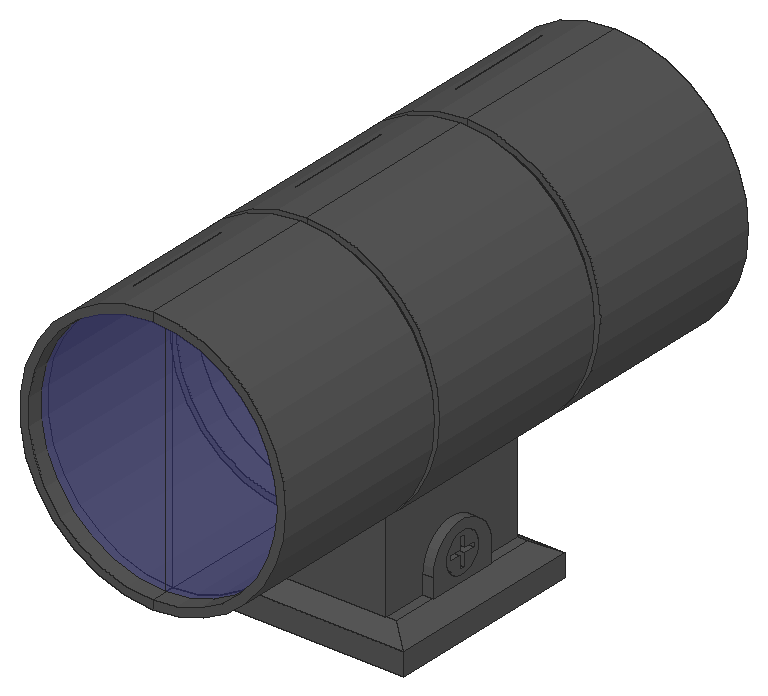
Revit family "CARLO CYLINDER LIGHT WALL MOUNT", category Lighting Fixtures, host Face, Revit 2020 (continued)
Types (10): name | Wattage_Input | Wattage Comments | Wattage | Photometric Web File | built-in parameter 1150142 | Model | built-in parameter 1150105 | Lumens | Light Length 1 | LIGHT RADIUS | LIGHT PLACEMENT | LIGHT LENGTH | LIGHT DIA | built-in parameter 1150106 | FIXED END HEIGHT | Curve base Height | Base Curve | BEAMING ANGLE | Apparent Load
  CCL4-11-20SPSW8-PC-60-WM-BK | 20 W | "12W/16W/20W" | 12.1178 W | "CCL4 20W 3000K 60° (up and down light).IES" | "IESNA:LM-63-2002\r\n[TEST] CCL4 20W 3000K 60¡ã (up and down light)\r\n[TESTLAB] EVERFINE\r\n[TESTDATE] 2024-07-05\r\n[ISSUEDATE] 2024-07-05 05:32:27\r\n[NEARFIELD] \r\n[LAMPPOSITION] 0,0\r\n[OTHER] EVERFINE GO-2000_V1 SYSTEM\r\n[MANUFAC] Aboveall lighting\r\nTILT=NONE\r\n1 1617.9 1 361 73 1 2 0.000 0.000 0.000\r\n1.000 1 20.2495\r\n0.0    0.5    1.0    1.5    2.0    2.5    3.0    3.5    4.0    4.5    \r\n 5.0    5.5    6.0    6.5    7.0    7.5    8.0    8.5    9.0    9.5    \r\n 10.0   10.5   11.0   11.5   12.0   12.5   13.0   13.5   14.0   14.5   \r\n 15.0   15.5   16.0   16.5   17.0   17.5   18.0   18.5   19.0   19.5   \r\n 20.0   20.5   21.0   21.5   22.0   22.5   23.0   23.5   24.0   24.5   \r\n 25.0   25.5   26.0   26.5   27.0   27.5   28.0   28.5   29.0   29.5   \r\n 30.0   30.5   31.0   31.5   32.0   32.5   33.0   33.5   34.0   34.5   \r\n 35.0   35.5   36.0   36.5   37.0   37.5   38.0   38.5   39.0   39.5   \r\n 40.0   40.5   41.0   41.5   42.0   42.5   43.0   43.5   44.0   44.5   \r\n 45.0   45.5   46.0   46.5   47.0   47.5   48.0   48.5   49.0   49.5   \r\n 50.0   50.5   51.0   51.5   52.0   52.5   53.0   53.5   54.0   54.5   \r\n 55.0   55.5   56.0   56.5   57.0   57.5   58.0   58.5   59.0   59.5   \r\n 60.0   60.5   61.0   61.5   62.0   62.5   63.0   63.5   64.0   64.5   \r\n 65.0   65.5   66.0   66.5   67.0   67.5   68.0   68.5   69.0   69.5   \r\n 70.0   70.5   71.0   71.5   72.0   72.5   73.0   73.5   74.0   74.5   \r\n 75.0   75.5   76.0   76.5   77.0   77.5   78.0   78.5   79.0   79.5   \r\n 80.0   80.5   81.0   81.5   82.0   82.5   83.0   83.5   84.0   84.5   \r\n 85.0   85.5   86.0   86.5   87.0   87.5   88.0   88.5   89.0   89.5   \r\n 90.0   90.5   91.0   91.5   92.0   92.5   93.0   93.5   94.0   94.5   \r\n 95.0   95.5   96.0   96.5   97.0   97.5   98.0   98.5   99.0   99.5   \r\n 100.0  100.5  101.0  101.5  102.0  102.5  103.0  103.5  104.0  104.5  \r\n 105.0  105.5  106.0  106.5  107.0  107.5  108.0  108.5  109.0  109.5  \r\n 110.0  110.5  111.0  111.5  112.0  112.5  113.0  113.5  114.0  114.5  \r\n 115.0  115.5  116.0  116.5  117.0  117.5  118.0  118.5  119.0  119.5  \r\n 120.0  120.5  121.0  121.5  122.0  122.5  123.0  123.5  124.0  124.5  \r\n 125.0  125.5  126.0  126.5  127.0  127.5  128.0  128.5  129.0  129.5  \r\n 130.0  130.5  131.0  131.5  132.0  132.5  133.0  133.5  134.0  134.5  \r\n 135.0  135.5  136.0  136.5  137.0  137.5  138.0  138.5  139.0  139.5  \r\n 140.0  140.5  141.0  141.5  142.0  142.5  143.0  143.5  144.0  144.5  \r\n 145.0  145.5  146.0  146.5  147.0  147.5  148.0  148.5  149.0  149.5  \r\n 150.0  150.5  151.0  151.5  152.0  152.5  153.0  153.5  154.0  154.5  \r\n 155.0  155.5  156.0  156.5  157.0  157.5  158.0  158.5  159.0  159.5  \r\n 160.0  160.5  161.0  161.5  162.0  162.5  163.0  163.5  164.0  164.5  \r\n 165.0  165.5  166.0  166.5  167.0  167.5  168.0  168.5  169.0  169.5  \r\n 170.0  170.5  171.0  171.5  172.0  172.5  173.0  173.5  174.0  174.5  \r\n 175.0  175.5  176.0  176.5  177.0  177.5  178.0  178.5  179.0  179.5  \r\n 180.0  \r\n0.0    5.0    10.0   15.0   20.0   25.0   30.0   35.0   40.0   45.0   \r\n 50.0   55.0   60.0   65.0   70.0   75.0   80.0   85.0   90.0   95.0   \r\n 100.0  105.0  110.0  115.0  120.0  125.0  130.0  135.0  140.0  145.0  \r\n 150.0  155.0  160.0  165.0  170.0  175.0  180.0  185.0  190.0  195.0  \r\n 200.0  205.0  210.0  215.0  220.0  225.0  230.0  235.0  240.0  245.0  \r\n 250.0  255.0  260.0  265.0  270.0  275.0  280.0  285.0  290.0  295.0  \r\n 300.0  305.0  310.0  315.0  320.0  325.0  330.0  335.0  340.0  345.0  \r\n 350.0  355.0  360.0  \r\n1006.9 1008.6 1004.9 1000.6 995.65 990.26 984.94 980.69 976.32 970.55 \r\n 964.66 959.77 955.11 950.2 945.16 939.91 934.55 929.24 923.81 918.3 \r\n 912.24 905.05 897.13 888.72 879.74 870.15 860.07 849.54 838.76 828.2 \r\n 817.1 804.56 791.45 778.45 765.32 752.16 738.66 724.46 709.78 694.61 \r\n 679.25 664.06 648.83 633.38 617.93 602.71 587.55 572.29 557.08 542.02 \r\n 527.09 512.01 497.65 485.04 473.29 461.82 450.72 439.91 429.33 419 \r\n 408.55 397.41 386.27 375.6 365.49 356.32 347.69 339.25 331.21 323.73 \r\n 316.61 309.97 303.02 295.66 285.9 271.31 253.17 231.26 207.66 184.23 \r\n 161.42 140.77 120.83 100.56 80.301 58.241 39.771 31.719 27.964 24.368 \r\n 21.813 19.856 18.338 16.917 15.696 14.698 13.825 12.959 12.179 11.556 \r\n 11.004 10.453 9.9366 9.4626 9.029 8.642 8.2857 7.9445 7.6235 7.3267 \r\n 7.0416 6.7549 6.4724 6.1928 5.9232 5.6704 5.4337 5.2159 5.0122 4.8235 \r\n 4.635 4.4232 4.2159 4.0379 3.8743 3.7194 3.5693 3.4127 3.2647 3.1436 \r\n 3.0275 2.8924 2.7633 2.662 2.5741 2.494 2.4175 2.3326 2.2572 2.2132 \r\n 2.1762 2.1245 2.0723 2.0287 1.9882 1.9515 1.908 1.8417 1.7685 1.7068 \r\n 1.6361 1.5324 1.4247 1.3406 1.2598 1.1707 1.0757 0.96602 0.86367 0.79757 \r\n 0.73848 0.66022 0.58254 0.52024 0.46195 0.39901 0.3381 0.28341 0.23366 0.1892 \r\n 0.14926 0.1126 0.08094 0.056747 0.036573 0.015746 0.00041383 0 0 0 \r\n 0 0 0 0 0.0039642 0.026996 0.059519 0.098439 0.13942 0.17146 \r\n 0.21143 0.28107 0.35479 0.40784 0.45947 0.52221 0.59137 0.6676 0.74737 0.82227 \r\n 0.90761 1.0288 1.1471 1.2201 1.2845 1.3661 1.4565 1.5626 1.6645 1.736 \r\n 1.8014 1.8865 1.9611 1.9915 2.0145 2.0626 2.1141 2.1617 2.2103 2.2601 \r\n 2.3184 2.3957 2.482 2.5668 2.6622 2.7805 2.9099 3.0412 3.1781 3.3205 \r\n 3.4704 3.6316 3.7986 3.9642 4.1382 4.3311 4.5342 4.7419 4.9546 5.1692 \r\n 5.3912 5.6262 5.8716 6.1276 6.3921 6.6602 6.9407 7.2424 7.5611 7.8928 \r\n 8.2456 8.6258 9.0339 9.4723 9.9423 10.435 10.984 11.633 12.338 13.042 \r\n 13.835 14.823 15.916 17.017 18.249 19.712 21.377 23.183 25.327 27.982 \r\n 31.172 34.172 39.405 49.559 63.116 79.671 98.582 119.43 141.15 162.67 \r\n 183.51 202.41 220.65 239.19 257.73 277.4 294.82 305.29 313.85 324.59 \r\n 335.68 346.51 357.5 369.15 380.56 390.79 400.5 410.13 419.4 428.04 \r\n 436.48 445.21 453.93 462.34 471.03 480.52 490.75 501.81 513.72 526.54 \r\n 540.14 554.49 569.32 584.57 599.73 613.99 628.16 642.85 657.96 673.72 \r\n 689.7 705.64 721.3 736.34 750.88 764.73 778.44 792.78 806.88 819.99 \r\n 832.59 844.94 856.95 868.74 879.91 889.99 899.34 908.18 916.6 924.76 \r\n 932.72 940.67 948.35 955.51 962.25 968.58 974.53 980.11 985.31 990.07 \r\n 994.62 999.49 1003.8 1006.6 1008.7 1011 1012.9 1014.3 1014.7 1013.8 \r\n 1011.9 \r\n1006.9 1008.8 1005.4 1001.3 996.7 991.47 986.17 981.59 976.89 971.17 \r\n 965.42 960.56 955.9 951.06 946.07 940.79 935.42 930.18 924.89 919.66 \r\n 913.94 907.11 899.56 891.48 882.8 873.43 863.51 853.07 842.32 831.67 \r\n 820.52 808.16 795.26 782.31 769.13 755.75 742.02 727.82 713.14 697.84 \r\n 682.28 666.81 651.31 635.74 620.24 604.94 589.73 574.46 559.27 544.25 \r\n 529.39 514.46 500.15 487.29 475.19 463.39 452.01 441.04 430.37 420.06 \r\n 409.64 398.43 387.08 375.97 365.3 355.49 346.3 337.61 329.41 321.61 \r\n 314.23 307.46 300.64 294.05 285.06 270.43 252.37 231.51 209.38 187.8 \r\n 166.51 145.98 125.76 105.57 85.342 63.148 44.25 35.069 30.203 26.287 \r\n 23.62 21.361 19.561 17.988 16.653 15.509 14.509 13.581 12.752 12.038 \r\n 11.402 10.81 10.265 9.7548 9.287 8.8706 8.488 8.1229 7.7812 7.4677 \r\n 7.1692 6.8723 6.5819 6.2957 6.0215 5.7685 5.5306 5.3048 5.0915 4.8942 \r\n 4.7003 4.4922 4.2878 4.1005 3.9261 3.7679 3.6161 3.4573 3.306 3.1784 \r\n 3.0565 2.9214 2.7927 2.6872 2.5938 2.5081 2.4266 2.3389 2.2613 2.2137 \r\n 2.1744 2.1251 2.0757 2.0309 1.9886 1.952 1.909 1.8431 1.7705 1.7099 \r\n 1.6414 1.543 1.4401 1.3563 1.2756 1.1907 1.0997 0.98946 0.88528 0.81783 \r\n 0.75743 0.67858 0.59939 0.53142 0.46877 0.40999 0.35336 0.29489 0.24001 0.19381 \r\n 0.15326 0.11704 0.085126 0.056784 0.032851 0.013158 0 0 0 0 \r\n 0.000032 0.001319 0.003944 0.0057745 0.014679 0.040637 0.075184 0.11427 0.15464 0.18577 \r\n 0.22545 0.29739 0.37322 0.42468 0.47515 0.54188 0.61494 0.68978 0.76745 0.84294 \r\n 0.92986 1.0538 1.1738 1.2429 1.3053 1.3968 1.4956 1.5949 1.6866 1.7535 \r\n 1.816 1.8992 1.9709 1.993 2.009 2.0588 2.1149 2.159 2.2035 2.2526 \r\n 2.3124 2.3952 2.487 2.572 2.667 2.7889 2.9218 3.0536 3.1901 3.3321 \r\n 3.4815 3.6418 3.8081 3.9733 4.1469 4.3388 4.5408 4.7479 4.9599 5.173 \r\n 5.3934 5.6272 5.871 6.123 6.3843 6.6543 6.9363 7.2336 7.5456 7.87 \r\n 8.215 8.5876 8.9877 9.4162 9.877 10.366 10.909 11.539 12.225 12.919 \r\n 13.702 14.662 15.724 16.808 18.02 19.442 21.068 22.852 24.997 27.639 \r\n 30.929 34.161 40.048 51.939 67.213 84.3 103.4 124.53 146.63 168.88 \r\n 190.55 210.37 229.16 247.32 264.83 282.62 298.19 307.87 316.04 326.41 \r\n 337.25 347.91 358.81 370.52 382.05 392.36 402.18 412 421.49 430.32 \r\n 438.95 447.78 456.61 465.15 474.02 483.8 494.35 505.72 517.91 531.01 \r\n 544.83 559.29 574.16 589.28 604.32 618.7 633.04 647.8 662.93 678.73 \r\n 694.67 710.29 725.58 740.35 754.65 768.28 781.78 795.88 809.77 822.79 \r\n 835.35 847.75 859.76 871.36 882.29 892.17 901.37 910.09 918.42 926.48 \r\n 934.37 942.34 950.03 957.12 963.77 970.05 975.96 981.51 986.71 991.54 \r\n 996.18 1001.1 1005.4 1008.2 1010.2 1012.3 1013.9 1015.1 1015.4 1014.2 \r\n 1011.9 \r\n1006.9 1009.1 1006 1002.2 997.86 992.81 987.51 982.53 977.43 971.81 \r\n 966.27 961.45 956.82 952.07 947.17 941.9 936.53 931.3 926.11 921.15 \r\n 915.79 909.34 902.17 894.43 886.03 876.88 867.11 856.75 846 835.22 \r\n 823.97 811.81 799.14 786.23 772.98 759.33 745.34 731.13 716.48 701.04 \r\n 685.27 669.45 653.63 637.92 622.34 606.97 591.71 576.46 561.31 546.36 \r\n 531.6 516.9 502.72 489.62 477.14 464.95 453.22 442.01 431.21 420.89 \r\n 410.45 399.15 387.58 376 364.72 354.19 344.35 335.39 327 318.84 \r\n 311.15 304.25 297.48 291.29 282.73 267.99 250.12 230.66 210.38 190.92 \r\n 171.29 150.8 130.18 110.1 90.064 68.182 49.237 38.818 32.617 28.33 \r\n 25.533 22.94 20.834 19.101 17.65 16.347 15.208 14.217 13.338 12.527 \r\n 11.799 11.165 10.592 10.044 9.5405 9.0933 8.6836 8.2946 7.9321 7.6009 \r\n 7.2881 6.9812 6.6836 6.392 6.1146 5.8622 5.6236 5.3893 5.1656 4.9587 \r\n 4.7587 4.5556 4.3556 4.159 3.9732 3.811 3.6573 3.4966 3.3425 3.2077 \r\n 3.0795 2.9448 2.8169 2.7072 2.6079 2.5157 2.4286 2.3392 2.2605 2.2092 \r\n 2.1672 2.1208 2.075 2.0303 1.9873 1.9505 1.9077 1.8427 1.7716 1.7119 \r\n 1.6454 1.5528 1.4552 1.371 1.2896 1.209 1.1223 1.0127 0.90759 0.83814 \r\n 0.77553 0.69614 0.61555 0.54144 0.474 0.41948 0.36736 0.30499 0.24491 0.19738 \r\n 0.15657 0.12046 0.087891 0.055368 0.027938 0.010222 0 0 0 0 \r\n 0.000066 0.0029302 0.0081626 0.014089 0.027173 0.0562 0.092533 0.13089 0.16999 0.2012 \r\n 0.24131 0.31389 0.39004 0.44003 0.48998 0.56118 0.6383 0.71082 0.78555 0.86251 \r\n 0.9515 1.0756 1.195 1.2614 1.3235 1.4254 1.5325 1.6236 1.7039 1.7672 \r\n 1.8274 1.9069 1.9741 1.9902 2.002 2.055 2.1146 2.1547 2.1946 2.2435 \r\n 2.3053 2.3927 2.4888 2.574 2.6688 2.7933 2.9286 3.0598 3.1946 3.3358 \r\n 3.4842 3.6432 3.8082 3.9726 4.1452 4.3349 4.5344 4.7399 4.9503 5.1616 \r\n 5.3799 5.6116 5.8525 6.0992 6.3563 6.6283 6.9118 7.2034 7.5069 7.8225 \r\n 8.1576 8.5203 8.9097 9.3255 9.7743 10.257 10.79 11.397 12.057 12.74 \r\n 13.508 14.429 15.45 16.515 17.706 19.079 20.659 22.424 24.572 27.186 \r\n 30.588 34.168 40.807 54.396 71.288 88.775 107.92 129.28 151.71 174.57 \r\n 197.01 217.89 237.41 255.36 271.9 287.58 301.06 310.07 318 328 \r\n 338.53 348.97 359.75 371.42 382.98 393.35 403.28 413.26 422.94 432 \r\n 440.85 449.83 458.81 467.56 476.7 486.86 497.81 509.52 522.02 535.41 \r\n 549.46 564.04 578.93 593.91 608.85 623.43 638.02 652.89 668.08 683.9 \r\n 699.74 715.01 729.89 744.37 758.44 771.9 785.22 799.02 812.66 825.62 \r\n 838.21 850.63 862.62 873.97 884.62 894.31 903.36 911.99 920.25 928.2 \r\n 935.99 943.95 951.64 958.63 965.16 971.36 977.2 982.71 987.92 992.83 \r\n 997.55 1002.5 1006.8 1009.6 1011.7 1013.6 1015 1015.9 1016 1014.6 \r\n 1011.9 \r\n1006.9 1009.4 1006.6 1003.1 999.07 994.2 988.9 983.49 977.99 972.48 \r\n 967.17 962.4 957.8 953.16 948.38 943.15 937.79 932.53 927.38 922.68 \r\n 917.67 911.59 904.79 897.37 889.25 880.32 870.7 860.43 849.69 838.75 \r\n 827.39 815.44 803 790.13 776.78 762.86 748.61 734.41 719.8 704.24 \r\n 688.25 672.09 655.92 640.06 624.4 608.95 593.65 578.42 563.33 548.45 \r\n 533.79 519.34 505.31 491.98 479.12 466.54 454.43 442.97 432 421.64 \r\n 411.2 399.83 388.08 376.06 364.21 352.96 342.47 333.24 324.66 316.15 \r\n 308.14 301.11 294.34 288.26 279.87 265.09 247.59 229.72 211.45 194.1 \r\n 176.05 155.5 134.41 114.41 94.618 73.331 54.582 42.814 35.089 30.359 \r\n 27.397 24.46 22.053 20.164 18.6 17.139 15.863 14.814 13.892 12.986 \r\n 12.167 11.493 10.894 10.311 9.773 9.2965 8.8611 8.4499 8.0683 7.7199 \r\n 7.3933 7.0775 6.7742 6.4787 6.1991 5.9474 5.708 5.4658 5.2321 5.0154 \r\n 4.8092 4.6118 4.417 4.2117 4.0151 3.8487 3.6927 3.5308 3.3746 3.2325 \r\n 3.0977 2.9638 2.8371 2.7233 2.6181 2.5192 2.4266 2.3363 2.2575 2.2022 \r\n 2.1573 2.1137 2.0719 2.0282 1.9851 1.948 1.9052 1.8419 1.7728 1.7136 \r\n 1.6487 1.5622 1.4702 1.3851 1.3025 1.2258 1.1434 1.0355 0.93028 0.85819 \r\n 0.79261 0.71295 0.63143 0.55121 0.47883 0.42829 0.38047 0.31454 0.24969 0.20106 \r\n 0.16006 0.12377 0.090304 0.053882 0.023271 0.007446 0 0 0 0 \r\n 0.000098 0.0043695 0.012116 0.02244 0.040008 0.072089 0.10997 0.1469 0.18428 0.21657 \r\n 0.25791 0.32973 0.40472 0.45365 0.50383 0.57957 0.66057 0.73028 0.80175 0.88108 \r\n 0.97259 1.0945 1.2112 1.2761 1.3395 1.4511 1.5655 1.6475 1.7161 1.7766 \r\n 1.8353 1.9096 1.9711 1.9832 1.9931 2.0494 2.1118 2.1478 2.1832 2.2326 \r\n 2.2969 2.3878 2.4871 2.573 2.6679 2.7943 2.9308 3.0605 3.1933 3.3333 \r\n 3.4807 3.6382 3.8016 3.9652 4.1366 4.3233 4.5195 4.7227 4.9311 5.1404 \r\n 5.3565 5.5854 5.8229 6.064 6.3167 6.5906 6.8752 7.1605 7.4548 7.761 \r\n 8.0859 8.4379 8.8159 9.2188 9.6553 10.13 10.653 11.235 11.871 12.542 \r\n 13.294 14.172 15.15 16.198 17.371 18.697 20.236 21.993 24.157 26.741 \r\n 30.278 34.338 41.824 57.003 75.357 93.162 112.3 133.83 156.54 179.84 \r\n 202.89 224.79 245.1 262.97 278.67 292.18 303.54 312.01 319.84 329.47 \r\n 339.68 349.9 360.52 372.09 383.6 394.03 404.06 414.16 424 433.28 \r\n 442.36 451.53 460.71 469.72 479.18 489.78 501.17 513.26 526.09 539.77 \r\n 554.03 568.73 583.65 598.51 613.39 628.21 643.1 658.11 673.36 689.2 \r\n 704.92 719.84 734.31 748.51 762.34 775.67 788.84 802.32 815.69 828.62 \r\n 841.24 853.67 865.57 876.66 887.01 896.5 905.41 913.96 922.15 929.97 \r\n 937.65 945.58 953.24 960.1 966.5 972.57 978.31 983.79 989.01 993.98 \r\n 998.76 1003.6 1007.9 1010.9 1013.1 1014.9 1016.1 1016.7 1016.5 1014.9 \r\n 1011.9 \r\n1006.9 1009.7 1007.2 1004.1 1000.3 995.59 990.28 984.48 978.61 973.21 \r\n 968.11 963.37 958.79 954.28 949.62 944.44 939.11 933.79 928.64 924.16 \r\n 919.47 913.73 907.26 900.14 892.27 883.55 874.1 863.95 853.26 842.19 \r\n 830.73 818.95 806.71 793.88 780.46 766.3 751.83 737.66 723.11 707.47 \r\n 691.31 674.83 658.34 642.32 626.57 611.03 595.69 580.48 565.44 550.58 \r\n 535.99 521.77 507.9 494.34 481.13 468.18 455.73 444.02 432.89 422.52 \r\n 412.09 400.72 388.87 376.51 364.2 352.34 341.3 331.83 323.09 314.26 \r\n 305.96 298.81 291.99 285.81 277.44 262.81 245.92 229.69 213.36 197.85 \r\n 181.11 160.41 138.78 118.76 99.157 78.584 60.134 46.908 37.504 32.238 \r\n 29.057 25.789 23.114 21.082 19.419 17.816 16.418 15.321 14.363 13.374 \r\n 12.476 11.768 11.148 10.535 9.9678 9.4662 9.0088 8.5792 8.1817 7.8185 \r\n 7.4799 7.1575 6.8504 6.5523 6.2713 6.0198 5.7794 5.5306 5.2886 5.0629 \r\n 4.8509 4.6588 4.4692 4.257 4.0513 3.8806 3.7222 3.5599 3.4026 3.2537 \r\n 3.1124 2.9796 2.8546 2.7371 2.6264 2.5212 2.4235 2.3332 2.2549 2.1954 \r\n 2.1471 2.1062 2.0681 2.0257 1.9831 1.9455 1.9027 1.8418 1.7754 1.716 \r\n 1.6518 1.5715 1.4853 1.3991 1.3148 1.2414 1.163 1.0576 0.95301 0.87769 \r\n 0.80848 0.72909 0.6474 0.56158 0.48447 0.43718 0.39309 0.32436 0.25567 0.20601 \r\n 0.16462 0.1279 0.093432 0.05368 0.02029 0.0055736 0 0 0 0 \r\n 0.0001232 0.0054204 0.015263 0.029815 0.051745 0.086709 0.12591 0.16087 0.19628 0.2307 \r\n 0.27414 0.34408 0.41676 0.46531 0.51657 0.59652 0.6809 0.74772 0.81613 0.89877 \r\n 0.9932 1.1109 1.2228 1.2876 1.3536 1.4732 1.5927 1.6653 1.7227 1.7815 \r\n 1.8394 1.9072 1.9619 1.9722 1.9824 2.0411 2.1051 2.1373 2.1688 2.2196 \r\n 2.2868 2.3801 2.4816 2.5688 2.6647 2.7921 2.929 3.0569 3.1875 3.3265 \r\n 3.473 3.629 3.7909 3.954 4.1244 4.3078 4.5005 4.7012 4.9076 5.115 \r\n 5.3291 5.5551 5.7891 6.0252 6.274 6.5493
